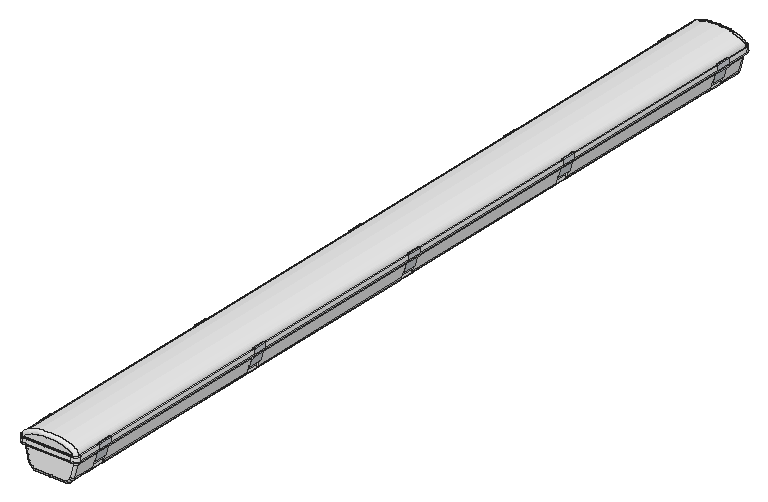
Revit family "0048713 Feilo Sylvania Lighting Fixture SYLPRF SUP LED G3 1500MM T 4K", category Lighting Fixtures, host Face, Revit 2017
Family settings
  Host = Face
  Round Connector Dimension = Use Diameter
  Part Type = Normal
  OmniClass Number = 23.80.70.11.14
  OmniClass Title = General Luminaries, Directional
  Cut with Voids When Loaded = Yes
  Light Source = Yes
  Shared = No
  Room Calculation Point = No
Parameters
  Width = 110 mm
  Weight = "2.4 kg"
  Wattage Comments = "n/a"
  Wattage = 47 W
  WarrantyStartDate [instance] = "n/a"
  WarrantyGuarantorParts = "n/a"
  WarrantyDurationUnit = "n/a"
  WarrantyDurationParts = "n/a"
  WarrantyDescription = "n/a"
  built-in parameter 1150110 = 1 (stored number, unit not read)
  Voltage = 230 V
  URL = "http://www.sylvania-lighting.com"
  TypeName = "SYLPRF SUP LED G3 1500MM T 4K"
  Type Image = <None>
  Type Comments = "n/a"
  built-in parameter 1114217 = 1 (stored number, unit not read)
  Tilt Angle = -90.00°
  built-in parameter 1150109 = 1 (stored number, unit not read)
  built-in parameter 1150134 = 12
  built-in parameter 1150113 = 1 (stored number, unit not read)
  SerialNumber [instance] = "n/a"
  ReflectorMaterial = none
  PowerFactor = 0
  PowerConsumption = "47 W"
  Photometric Web File = "0048713-C.ies"
  NominalWidth = 0 mm
  NominalLength = 1578 mm
  NominalHeight = 78 mm
  Name = "SYLPRF SUP LED G3 1500MM T 4K"
  ModelReference = "SYLPRF SUP LED G3 1500MM T 4K"
  ModelNumber = "0048713"
  Model = "SYLPRF SUP LED G3 1500MM T 4K"
  Material = "polycarbonate housing, polycarbonate diffuser"
  ManufacturerName = "Feilo Sylvania"
  Manufacturer = "Feilo Sylvania"
  LuminousEfficacy = "145 lm/W"
  built-in parameter 1150105 = 542.32 (stored number, unit not read)
  Lumens = 6815 lm
  LuminaireType = "Weatherproof"
  built-in parameter 1150115 = 1 (stored number, unit not read)
  LightOutputRatio = "n/a"
  built-in parameter 1150137 = (empty or 0)
  built-in parameter 1150139 = (empty or 0)
  Length = 1572 mm
  LampsType = Lamp  # "LED"
  LampNominalLuminous = "6800 lm"
  LampMacAdamStep = "3"
  LampColourTemperature = "4000 K"
  LampColourRenderingIndex = "80"
  built-in parameter 1150112 = 1 (stored number, unit not read)
  built-in parameter 1150114 = 1 (stored number, unit not read)
  Lamp = "LED"
  Keynote = "16500"
  InstallationDate [instance] = "n/a"
  InputVoltage = "220-240V~"
  InputNominalFrequency = "50/60 Hz"
  built-in parameter 1150132 = (empty or 0)
  built-in parameter 1150102 = (empty or 0)
  built-in parameter 1150107 = 4000 (stored number, unit not read)
  built-in parameter 1150138 = (empty or 0)
  IngressProtection = "IP65"
  ImpactProtectionIndex = "IK08"
  built-in parameter 1150106 = 5.4232 (stored number, unit not read)
  IfcExportType = "IfcLightFixtureType"
  IfcExportAs = "IfcLightFixtureType"
  ExpectedLife = 50000
  Emit from Rectangle Width = Width - 20 mm  # 90 mm
  Emit from Rectangle Length = Length - 20 mm  # 1552 mm
  Emit Shape Visible in Rendering = no
  ElectricShockClassification = "Class I"
  built-in parameter 1150104 = 13.471 (stored number, unit not read)
  DurationUnit = "hours"
  DocumentationLiterature = "http://www.sylvania-lighting.com/product/en-int/products/0048713"
  DimmingControlOptions = "Non dimmable"
  Dimming Lamp Color Temperature Shift = <None>
  DiffuserMaterial = Diffuser-Sylvania-Transparent
  Description = ""
  Default Elevation = 1219.2 mm
  CreatedOn = "11/9/2017"
  CreatedBy = ""
  Cost = 0
  Color Filter = 16777215
  built-in parameter 1114216 [instance] = (empty or 0)
  ClassificationValue = "EF_70_80"
  ClassificationName = "Uniclass2015"
  BodyMaterial = Body-Sylvania-Gray
  BarCode [instance] = "n/a"
  built-in parameter 1114218 = 1 (stored number, unit not read)
  built-in parameter 1150133 = 10 (stored number, unit not read)
  AssetType = "Fixed"
  AssetIdentifier [instance] = "n/a"
  Assembly Code = "D5020200"
  Apparent Load = 47 VA
  AccessoryMaterial = Diffuser-Sylvania-Glow
Reference planes
  plane 1 "Center (Front/Back)": y = 0
  plane 2: z = 0
  plane 3 "Center (Left/Right)": x = 0
  plane 4: z = 54
  plane 5: x = -27.7
  plane 6: x = -34.8
  plane 7: x = -39.6
  plane 8: x = -42.2
  plane 9: z = 3
  plane 10: z = 7.8
  plane 11: z = 12.3
  plane 12: z = 36.6
  plane 13: z = 42.8
  plane 14: x = -51.1
  plane 15: z = 46.2
  plane 16: x = -55
  plane 17: y = 786
  plane 18: y = -786
  plane 19: x = 27.7
  plane 20: x = 34.8
  plane 21: x = 39.6
  plane 22: x = 42.2
  plane 23: x = 51.1
  plane 24: x = 55
  plane 25: y = 778.4
  plane 26: y = -778.4
  plane 27: y = -774.7
  plane 28: y = 774.7
  plane 29: z = 74
  plane 30: x = -51.5
  plane 31: x = 51.5
  plane 32: z = 55.2
  plane 33: y = -782.5
  plane 34: y = 782.5
  plane 35: x = -37.5
  plane 36: x = 37.5
  plane 37: x = -48.7
  plane 38: x = 48.7
  plane 39: x = 18
  plane 40: x = -18
  plane 41: z = 50.2
  plane 42: z = 24.6
  plane 43: y = 720
  plane 44: y = 706
  plane 45: y = 734
  plane 46: y = -720
  plane 47: y = 720
  plane 48: y = 706
  plane 49: y = 734
  plane 50: y = -720
  plane 51: y = -734
  plane 52: y = -706
  plane 53: y = 360
  plane 54: y = 346
  plane 55: y = 374
  plane 56: y = 0
  plane 57: y = -14
  plane 58: y = 14
  plane 59: y = -360
  plane 60: y = -374
  plane 61: y = -346
Forms (mm)
  Sweep 1, solid, material "Body-Sylvania-Gray" <- "BodyMaterial", detail levels medium+fine
    path origin (1223.4, -4572, 54) x (0, -1, 0) y (1, 0, 0)
      loop
        arc (-3796, -1278.4) -> (-3788.929, -1275.471) -> (-3786, -1268.4) r 10
        line (-3786, -1268.4) -> (-3786, -1178.4)
        arc (-3786, -1178.4) -> (-3788.929, -1171.329) -> (-3796, -1168.4) r 10
        line (-3796, -1168.4) -> (-5348, -1168.4)
        arc (-5348, -1168.4) -> (-5355.071, -1171.329) -> (-5358, -1178.4) r 10
        line (-5358, -1178.4) -> (-5358, -1268.4)
        arc (-5358, -1268.4) -> (-5355.071, -1275.471) -> (-5348, -1278.4) r 10
        line (-5348, -1278.4) -> (-3796, -1278.4)
    profile origin (-55, 0, 54) x (-1, 0, 0) y (0, 0, 1)
      loop
        line (0, 0) -> (-1, 0) -> (-1, -7.726)
        arc (-1, -7.726) -> (-1.994, -9.498) -> (-3.9, -10.2) r 2.937
        line (-3.9, -10.2) -> (-8.571, -10.2) -> (-8.571, -11.2) -> (-3.9, -11.2)
        arc (-3.9, -11.2) -> (-1.313, -10.231) -> (0, -7.8) r 3.937
        line (0, -7.8) -> (0, 0)
  Sweep 2, solid, material "Body-Sylvania-Gray" <- "BodyMaterial", detail levels medium+fine
    path origin (0, 0, 0) x (1, 0, 0) y (0, 0, 1)
      loop
        line (48.7, 42.8) -> (48.7, 36.6) -> (42.203, 12.31)
        arc (42.203, 12.31) -> (41.199, 9.884) -> (39.6, 7.8) r 10.052
        line (39.6, 7.8) -> (34.8, 3)
        arc (34.8, 3) -> (31.554, 0.781) -> (27.7, 0) r 9.902
        line (27.7, 0) -> (0, 0) -> (-27.7, 0)
        arc (-27.7, 0) -> (-31.554, 0.781) -> (-34.8, 3) r 9.902
        line (-34.8, 3) -> (-39.6, 7.8)
        arc (-39.6, 7.8) -> (-41.199, 9.884) -> (-42.203, 12.31) r 10.052
        line (-42.203, 12.31) -> (-48.7, 36.6) -> (-48.7, 42.8)
    profile origin (0, 0, 0) x (0, 0, -1) y (0, -1, 0)
      loop
        arc (0, 773.4) -> (-1.464, 776.936) -> (-5, 778.4) r 5
        line (-5, 778.4) -> (-7.8, 778.4) -> (-7.8, -778.4) -> (-5, -778.4)
        arc (-5, -778.4) -> (-1.464, -776.936) -> (0, -773.4) r 5
        line (0, -773.4) -> (0, 773.4)
  Extrusion 3, solid, material "Body-Sylvania-Gray" <- "BodyMaterial", detail levels medium+fine
    sketch origin (1524, 778.4, 1219.2) x (1, 0, 0) y (0, 0, 1)
      loop
        arc (-1558.668, -1204.874) -> (-1558.443, -1205.418) -> (-1558.085, -1205.885) r 2.252
        line (-1558.085, -1205.885) -> (-1553.231, -1210.738)
        arc (-1553.231, -1210.738) -> (-1552.534, -1211.227) -> (-1551.7, -1211.4) r 2.102
        line (-1551.7, -1211.4) -> (-1496.3, -1211.4)
        arc (-1496.3, -1211.4) -> (-1495.466, -1211.227) -> (-1494.769, -1210.738) r 2.102
        line (-1494.769, -1210.738) -> (-1489.915, -1205.885)
        arc (-1489.915, -1205.885) -> (-1489.557, -1205.418) -> (-1489.332, -1204.874) r 2.252
        line (-1489.332, -1204.874) -> (-1483.1, -1181.575) -> (-1483.1, -1176.4) -> (-1564.9, -1176.4) -> (-1564.9, -1181.575) -> (-1558.668, -1204.874)
    from 0 to 1556.8
  Sweep 4, solid, material "Diffuser-Sylvania-Transparent" <- "DiffuserMaterial", detail levels medium+fine
    path origin (0, 0, 0) x (1, 0, 0) y (0, 0, 1)
      loop
        spline (-51.5, 55.2) -> (-49.745, 60.066) -> (-44.6, 64.6) -> (-36.416, 68.494) -> (-25.75, 71.481) -> (-13.329, 73.359) -> (0, 74) -> (13.329, 73.359) -> (25.75, 71.481) -> (36.416, 68.494) -> (44.6, 64.6) -> (49.745, 60.066) -> (51.5, 55.2)
    profile origin (51.5, 0, 55.2) x (0, -1, 0) y (1, 0, 0)
      loop
        arc (782.5, -5.5) -> (780.889, -1.611) -> (777, 0) r 5.5
        line (777, 0) -> (-777, 0)
        arc (-777, 0) -> (-780.889, -1.611) -> (-782.5, -5.5) r 5.5
        line (-782.5, -5.5) -> (-782.5, -6.3) -> (-781.5, -6.3) -> (-781.5, -5.5)
        arc (-781.5, -5.5) -> (-780.182, -2.318) -> (-777, -1) r 4.5
        line (-777, -1) -> (777, -1)
        arc (777, -1) -> (780.182, -2.318) -> (781.5, -5.5) r 4.5
        line (781.5, -5.5) -> (781.5, -6.347) -> (782.5, -6.347) -> (782.5, -5.5)
  Extrusion 5, solid, material "Diffuser-Sylvania-Transparent" <- "DiffuserMaterial", detail levels medium+fine
    sketch origin (1524, -782.5, 1219.2) x (1, 0, 0) y (0, 0, 1)
      loop
        line (-1569.653, -1164) -> (-1478.347, -1164)
        spline (-1478.347, -1164) -> (-1478.969, -1162.594) -> (-1482.527, -1159.545) -> (-1489.588, -1156.201) -> (-1499.458, -1153.445) -> (-1511.242, -1151.663) -> (-1524, -1151.049) -> (-1536.758, -1151.663) -> (-1548.542, -1153.445) -> (-1558.412, -1156.201) -> (-1565.473, -1159.545) -> (-1569.031, -1162.594) -> (-1569.653, -1164)
    from 0 to -1
  Extrusion 6, solid, material "Diffuser-Sylvania-Transparent" <- "DiffuserMaterial", detail levels medium+fine
    sketch origin (1524, 782.5, 1219.2) x (1, 0, 0) y (0, 0, 1)
      loop
        spline (-1478.3, -1164) -> (-1478.931, -1162.565) -> (-1482.502, -1159.505) -> (-1489.572, -1156.155) -> (-1499.446, -1153.394) -> (-1511.236, -1151.614) -> (-1524, -1151.007) -> (-1536.764, -1151.614) -> (-1548.554, -1153.394) -> (-1558.428, -1156.155) -> (-1565.498, -1159.505) -> (-1569.069, -1162.565) -> (-1569.7, -1164)
        line (-1569.7, -1164) -> (-1478.3, -1164)
    from 0 to 1
  Extrusion 7, solid, material "Diffuser-Sylvania-Transparent" <- "DiffuserMaterial", detail levels medium+fine
    sketch origin (1223.4, -4572, 55.2) x (0, -1, 0) y (-1, 0, 0)
      loop
        arc (-5353.5, 1177.4) -> (-5352.182, 1174.218) -> (-5349, 1172.9) r 4.5
        line (-5349, 1172.9) -> (-3795, 1172.9)
        arc (-3795, 1172.9) -> (-3791.818, 1174.218) -> (-3790.5, 1177.4) r 4.5
        line (-3790.5, 1177.4) -> (-3790.5, 1269.4)
        arc (-3790.5, 1269.4) -> (-3791.818, 1272.582) -> (-3795, 1273.9) r 4.5
        line (-3795, 1273.9) -> (-5349, 1273.9)
        arc (-5349, 1273.9) -> (-5352.182, 1272.582) -> (-5353.5, 1269.4) r 4.5
        line (-5353.5, 1269.4) -> (-5353.5, 1177.4)
      loop
        line (-5358, 1268.4) -> (-5358, 1178.4)
        arc (-5358, 1178.4) -> (-5355.071, 1171.329) -> (-5348, 1168.4) r 10
        line (-5348, 1168.4) -> (-3796, 1168.4)
        arc (-3796, 1168.4) -> (-3788.929, 1171.329) -> (-3786, 1178.4) r 10
        line (-3786, 1178.4) -> (-3786, 1268.4)
        arc (-3786, 1268.4) -> (-3788.929, 1275.471) -> (-3796, 1278.4) r 10
        line (-3796, 1278.4) -> (-5348, 1278.4)
        arc (-5348, 1278.4) -> (-5355.071, 1275.471) -> (-5358, 1268.4) r 10
    from 0 to 1.2
  Extrusion 8, solid, material "Diffuser-Sylvania-Glow" <- "AccessoryMaterial", detail levels fine
    sketch origin (0, 0, 0) x (1, 0, 0) y (0, 0, 1)
      loop
        circle (-18, 50.2) r 8
      loop
        circle (18, 50.2) r 8
    from -774.7 to 774.7
  Extrusion 9, void
    sketch origin (0, 720, 2343.807) x (0, 0, -1) y (-1, 0, 0)
      loop
        line (2340.807, -37.5) -> (2331.507, -37.5) -> (2319.207, -42.2) -> (2319.207, -48.7) -> (2340.807, -48.7) -> (2340.807, -37.5)
      loop
        line (2340.807, 37.5) -> (2340.807, 48.7) -> (2319.207, 48.7) -> (2319.207, 42.2) -> (2331.507, 37.5) -> (2340.807, 37.5)
    from -14 to 14
  Extrusion 10, solid, material "Body-Sylvania-Gray" <- "BodyMaterial", detail levels coarse
    sketch origin (0, 0, 0) x (1, 0, 0) y (0, 0, 1)
      loop
        line (55, 42.8) -> (55, 55.2) -> (-55, 55.2) -> (-55, 42.791) -> (-42.2, 0) -> (42.2, 0) -> (55, 42.8)
    from -786 to 786
  Extrusion 11, solid, material "Diffuser-Sylvania-Transparent" <- "DiffuserMaterial", detail levels coarse
    sketch origin (0, 0, 0) x (1, 0, 0) y (0, 0, 1)
      loop
        arc (51.5, 55.2) -> (0, 74) -> (-51.5, 55.2) r 79.939
        line (-51.5, 55.2) -> (51.5, 55.2)
    from 778.4 to -778.4
  Extrusion 12, void, not visible
    sketch origin (0, 720, 2343.807) x (0, 0, -1) y (-1, 0, 0)
      loop
        line (2340.807, -37.5) -> (2331.507, -37.5) -> (2319.207, -42.2) -> (2319.207, -48.7) -> (2340.807, -48.7) -> (2340.807, -37.5)
      loop
        line (2340.807, 37.5) -> (2340.807, 48.7) -> (2319.207, 48.7) -> (2319.207, 42.2) -> (2331.507, 37.5) -> (2340.807, 37.5)
    from -14 to 14
  Extrusion 13, void
    sketch origin (0, -720, 2343.807) x (0, 0, -1) y (-1, 0, 0)
      loop
        line (2340.807, -37.5) -> (2331.507, -37.5) -> (2319.207, -42.2) -> (2319.207, -48.7) -> (2340.807, -48.7) -> (2340.807, -37.5)
      loop
        line (2340.807, 37.5) -> (2340.807, 48.7) -> (2319.207, 48.7) -> (2319.207, 42.2) -> (2331.507, 37.5) -> (2340.807, 37.5)
    from -14 to 14
  Extrusion 14, void
    sketch origin (0, 360, 2343.807) x (0, 0, -1) y (-1, 0, 0)
      loop
        line (2340.807, -37.5) -> (2331.507, -37.5) -> (2319.207, -42.2) -> (2319.207, -48.7) -> (2340.807, -48.7) -> (2340.807, -37.5)
      loop
        line (2340.807, 37.5) -> (2340.807, 48.7) -> (2319.207, 48.7) -> (2319.207, 42.2) -> (2331.507, 37.5) -> (2340.807, 37.5)
    from -14 to 14
  Extrusion 15, void
    sketch origin (0, 0, 2343.807) x (0, 0, -1) y (-1, 0, 0)
      loop
        line (2340.807, -37.5) -> (2331.507, -37.5) -> (2319.207, -42.2) -> (2319.207, -48.7) -> (2340.807, -48.7) -> (2340.807, -37.5)
      loop
        line (2340.807, 37.5) -> (2340.807, 48.7) -> (2319.207, 48.7) -> (2319.207, 42.2) -> (2331.507, 37.5) -> (2340.807, 37.5)
    from -14 to 14
  Extrusion 16, void
    sketch origin (0, -360, 2343.807) x (0, 0, -1) y (-1, 0, 0)
      loop
        line (2340.807, -37.5) -> (2331.507, -37.5) -> (2319.207, -42.2) -> (2319.207, -48.7) -> (2340.807, -48.7) -> (2340.807, -37.5)
      loop
        line (2340.807, 37.5) -> (2340.807, 48.7) -> (2319.207, 48.7) -> (2319.207, 42.2) -> (2331.507, 37.5) -> (2340.807, 37.5)
    from -14 to 14
Cuts and joins
  Extrusion 9, Extrusion 13, Extrusion 14, Extrusion 15, Extrusion 16 cuts Sweep 2
  Extrusion 13, Extrusion 14, Extrusion 15, Extrusion 16 cuts Extrusion 3
  joined: Sweep 2, Extrusion 3
  joined: Sweep 4, Extrusion 5, Extrusion 6
Dimensions and locks
  locked: plane 4 to plane 2 at 54
  plane 5 to plane 6 to plane 7 to plane 8 to plane 14 to plane 16 = 7.1 mm locked, 4.8 mm locked, 2.6 mm locked, 8.9 mm, 3.9 mm
  plane 4 to plane 15 to plane 13 to plane 12 to plane 11 to plane 10 to plane 9 = 7.8 mm locked, 3.4 mm, 6.2 mm locked, 24.3 mm locked, 4.5 mm locked, 4.8 mm locked
  equal spacing: plane 18, plane 1 "Center (Front/Back)", plane 17
  "Length": plane 18 to plane 17
  plane 19 to plane 20 to plane 21 to plane 22 to plane 23 to plane 24 = 7.1 mm locked, 4.8 mm locked, 2.6 mm locked, 8.9 mm, 3.9 mm
  equal spacing: plane 24, plane 3 "Center (Left/Right)", plane 16
  "Width": plane 24 to plane 16
  equal spacing: plane 27, plane 1 "Center (Front/Back)", plane 28
  locked: plane 26 to plane 27 at 3.7
  locked: Sweep 1 sketch curve to profile plane at 1
  locked: Sweep 1 sketch curve to plane 13 at 1
  locked: Sweep 1 sketch curve to plane 13 at 3.937  (x2)
  locked: Sweep 1 sketch curve to profile plane at 3.9  (x2)
  locked: plane 29 to plane 4 at 20
  equal spacing: plane 31, plane 3 "Center (Left/Right)", plane 30
  locked: plane 30 to plane 16 at 3.5
  locked: plane 32 to plane 4 at 1.2
  equal spacing: plane 33, plane 1 "Center (Front/Back)", plane 34
  equal spacing: plane 36, plane 3 "Center (Left/Right)", plane 35
  locked: plane 3 "Center (Left/Right)" to plane 35 at 37.5
  locked: plane 34 to plane 17 at 3.5
  equal spacing: plane 38, plane 3 "Center (Left/Right)", plane 37
  locked: plane 37 to plane 16 at 6.3
  equal spacing: plane 25, plane 1 "Center (Front/Back)", plane 26
  locked: plane 17 to plane 25 at 7.6
  locked: Sweep 2 sketch curve to plane 2 at 5  (x2)
  locked: Sweep 2 sketch curve to plane 26 at 5
  locked: plane 25 to Sweep 2 sketch curve at 5
  locked: Sweep 4 sketch curve to plane 31 at 5.5  (x2)
  locked: Sweep 4 sketch curve to plane 34 at 5.5
  plane 33 to Sweep 4 sketch curve = 5.5 mm
  locked: plane 34 to Sweep 4 sketch curve at 1
  locked: Sweep 4 sketch curve to plane 31 at 1
  locked: Sweep 4 sketch curve to Sweep 4 sketch curve at 1
  locked: Sweep 4 sketch curve to plane 31 at 6.347
  locked: Sweep 4 sketch curve to plane 31 at 6.3
  equal spacing: plane 39, plane 3 "Center (Left/Right)", plane 40
  locked: plane 3 "Center (Left/Right)" to plane 40 at 18
  locked: plane 42 to plane 2 at 24.6
  plane 45 to plane 43 to plane 44 = 14 mm locked, 14 mm locked
  locked: plane 17 to plane 43 at 66
  equal spacing: plane 43, plane 1 "Center (Front/Back)", plane 46
  plane 49 to plane 47 to plane 48 = 14 mm locked, 14 mm locked
  plane 52 to plane 50 to plane 51 = 14 mm locked, 14 mm locked  (x2)
  equal spacing: group 1, group 6, group 7, group 8, group 5  (x2)
  equal spacing: group 5, group 8, group 7, group 6, group 1
  plane 55 to plane 53 to plane 54 = 14 mm locked, 14 mm locked  (x2)
  plane 58 to plane 56 to plane 57 = 14 mm locked, 14 mm locked  (x2)
  plane 61 to plane 59 to plane 60 = 14 mm locked, 14 mm locked  (x2)
  plane 43 to plane 53 to plane 1 "Center (Front/Back)" to plane 59 to plane 50 = 360 mm locked, 360 mm locked, 360 mm locked, 360 mm locked
  aligned and locked: plane 2 to host face
  aligned and locked: level to host face
  aligned and locked: plane 16 to Sweep 1 sketch curve
  aligned and locked: Sweep 1 sketch curve to plane 24
  aligned and locked: plane 18 to Sweep 1 sketch curve
  aligned and locked: Sweep 1 sketch curve to plane 13
  aligned and locked: profile plane to Sweep 1 sketch curve
  aligned and locked: plane 3 "Center (Left/Right)" to Sweep 2 sketch curve
  aligned and locked: plane 9 to Sweep 2 sketch curve
  aligned and locked: plane 10 to Sweep 2 sketch curve
  aligned and locked: plane 37 to Sweep 2 sketch curve
  aligned and locked: plane 12 to Sweep 2 sketch curve
  aligned and locked: Sweep 2 sketch curve to level
  aligned and locked: plane 21 to Sweep 2 sketch curve
  aligned and locked: plane 38 to Sweep 2 sketch curve
  aligned and locked: profile plane to Sweep 2 sketch curve
  aligned and locked: plane 25 to Sweep 2 sketch curve
  aligned and locked: Sweep 2 sketch curve to plane 10
  aligned and locked: Extrusion 3 sketch curve to Sweep 2  (x7)
  aligned and locked: Sweep 2 to Extrusion 3 sketch curve
  aligned and locked: Extrusion 3 to plane 25
  aligned and locked: plane 26 to Extrusion 3
  aligned and locked: plane 32 to Sweep 4 sketch curve
  aligned and locked: plane 33 to Sweep 4 sketch curve
  aligned and locked: Sweep 4 to Extrusion 5
  aligned and locked: plane 33 to Extrusion 5
  aligned and locked: Extrusion 5 sketch curve to Sweep 4
  aligned and locked: cut or joined group of Sweep 4, Extrusion 5, Extrusion 6 to Extrusion 6 sketch curve
  aligned and locked: Extrusion 7 sketch curve to cut or joined group of Sweep 4, Extrusion 5, Extrusion 6  (x2)
  aligned and locked: cut or joined group of Sweep 4, Extrusion 5, Extrusion 6 to Extrusion 7 sketch curve  (x2)
  aligned and locked: plane 41 to Extrusion 8 sketch curve  (x2)
  aligned and locked: plane 39 to Extrusion 8 sketch curve
  aligned and locked: plane 27 to Extrusion 8
  aligned and locked: Extrusion 8 to plane 28
  aligned and locked: Extrusion 9 to plane 42
  aligned and locked: plane 9 to Extrusion 9
  aligned and locked: plane 44 to Extrusion 9
  aligned and locked: Extrusion 9 to plane 45
  aligned and locked: Extrusion 7 sketch curve to Sweep 1  (x4)
  aligned and locked: plane 4 to Extrusion 7
  aligned and locked: Extrusion 7 to plane 32
  aligned and locked: nested 2 to plane 43
  aligned and locked: plane 43 to nested 1
  aligned and locked: Extrusion 10 sketch curve to plane 24
  aligned and locked: Extrusion 10 sketch curve to Extrusion 7
  aligned and locked: plane 8 to Extrusion 10 sketch curve
  aligned and locked: plane 22 to Extrusion 10 sketch curve
  aligned and locked: level to Extrusion 10 sketch curve
  aligned and locked: Extrusion 10 to plane 17
  aligned and locked: plane 18 to Extrusion 10
  aligned and locked: cut or joined group of Sweep 4, Extrusion 5, Extrusion 6 to Extrusion 11 sketch curve
  aligned and locked: Extrusion 11 sketch curve to cut or joined group of Sweep 4, Extrusion 5, Extrusion 6  (x2)
  aligned and locked: plane 31 to Extrusion 11 sketch curve
  aligned and locked: plane 30 to Extrusion 11 sketch curve
  aligned and locked: plane 26 to Extrusion 11
  aligned and locked: Extrusion 11 to plane 25
  aligned and locked: imposter light to plane 29
  aligned and locked: plane 3 "Center (Left/Right)" to imposter light
  aligned and locked: plane 1 "Center (Front/Back)" to imposter light
  aligned and locked: plane 51 to Extrusion 13
  aligned and locked: Extrusion 13 to plane 52
  aligned and locked: plane 54 to Extrusion 14
  aligned and locked: Extrusion 14 to plane 55
  aligned and locked: plane 57 to Extrusion 15
  aligned and locked: Extrusion 15 to plane 58
  aligned and locked: plane 60 to Extrusion 16
  aligned and locked: Extrusion 16 to plane 61
  aligned and locked: nested 3 to plane 53
  aligned and locked: plane 53 to nested 10
  aligned and locked: nested 4 to plane 56
  aligned and locked: plane 56 to nested 9
  aligned and locked: nested 5 to plane 59
  aligned and locked: plane 59 to nested 8
  aligned and locked: nested 6 to plane 50
  aligned and locked: plane 50 to nested 7
Automatic sketch dimensions
  host sketch curve to host sketch curve = 2438.4 mm  (x2)
  plane 17 to Sweep 1 sketch curve = 0 mm
  Sweep 1 sketch curve to plane 28 = 1.3 mm
  Sweep 1 sketch curve to plane 7 = 5.4 mm
  plane 27 to Sweep 1 sketch curve = 1.3 mm  (x2)
  Sweep 1 sketch curve to Sweep 1 sketch curve = 4.671 mm
  Sweep 1 sketch curve to plane 4 = 0 mm
  Sweep 2 sketch curve to plane 7 = 0 mm
  Sweep 2 sketch curve to plane 6 = 0 mm
  Sweep 2 sketch curve to plane 5 = 0 mm
  plane 19 to Sweep 2 sketch curve = 0 mm
  Sweep 2 sketch curve to plane 9 = 0 mm
  plane 20 to Sweep 2 sketch curve = 0 mm
  Sweep 2 sketch curve to plane 12 = 0 mm
  Sweep 2 sketch curve to plane 10 = 0 mm
  Sweep 2 sketch curve to plane 13 = 0 mm  (x2)
  Sweep 2 sketch curve to plane 8 = 0.003 mm
  plane 6 to Sweep 2 sketch curve = 2.308 mm
  plane 20 to Sweep 2 sketch curve = 2.308 mm
  Sweep 2 sketch curve to plane 22 = 0.003 mm
  Sweep 2 sketch curve to plane 11 = 0.01 mm  (x2)
  Extrusion 3 sketch curve to plane 5 = 0 mm
  plane 19 to Extrusion 3 sketch curve = 0 mm
  plane 6 to Extrusion 3 sketch curve = 0.132 mm
  plane 6 to Extrusion 3 sketch curve = 0.715 mm
  Extrusion 3 sketch curve to Extrusion 3 sketch curve = 1.592 mm
  Extrusion 3 sketch curve to plane 10 = 0.662 mm  (x2)
  plane 20 to Extrusion 3 sketch curve = 2.308 mm
  plane 20 to Extrusion 3 sketch curve = 0.715 mm
  plane 20 to Extrusion 3 sketch curve = 0.132 mm
  Sweep 4 sketch curve to plane 30 = 0 mm
  Sweep 4 sketch curve to plane 3 "Center (Left/Right)" = 0 mm
  Sweep 4 sketch curve to Sweep 4 sketch curve = 0 mm  (x2)
  plane 37 to Extrusion 5 sketch curve = 3.047 mm
  Extrusion 5 sketch curve to plane 38 = 3.047 mm
  plane 37 to Extrusion 6 sketch curve = 3 mm
  Extrusion 6 sketch curve to plane 38 = 3 mm
  plane 25 to Extrusion 7 sketch curve = 1.4 mm  (x2)
  Extrusion 7 sketch curve to plane 26 = 1.4 mm  (x2)
  Extrusion 8 sketch curve to plane 40 = 0 mm
  Extrusion 9 sketch curve to Extrusion 9 sketch curve = 0 mm
  Extrusion 9 sketch curve to Extrusion 9 sketch curve = 12.3 mm  (x2)
  Extrusion 9 sketch curve to Extrusion 9 sketch curve = 9.3 mm  (x2)
  Extrusion 9 sketch curve to Extrusion 9 sketch curve = 6.5 mm
  Extrusion 9 sketch curve to Extrusion 9 sketch curve = 4.7 mm  (x2)
  Extrusion 9 sketch curve to Extrusion 9 sketch curve = 75 mm
  Extrusion 9 sketch curve to Extrusion 9 sketch curve = 11.2 mm
  Extrusion 10 sketch curve to plane 13 = 0 mm
  plane 13 to Extrusion 10 sketch curve = 0.009 mm
  Extrusion 11 sketch curve to level = 5.939 mm
  Extrusion 10 sketch curve to plane 16 = 0 mm
  Extrusion 12 sketch curve to Extrusion 12 sketch curve = 0 mm
  Extrusion 12 sketch curve to Extrusion 12 sketch curve = 12.3 mm  (x2)
  Extrusion 12 sketch curve to Extrusion 12 sketch curve = 9.3 mm  (x2)
  Extrusion 12 sketch curve to Extrusion 12 sketch curve = 6.5 mm
  Extrusion 12 sketch curve to Extrusion 12 sketch curve = 4.7 mm  (x2)
  Extrusion 12 sketch curve to Extrusion 12 sketch curve = 75 mm
  Extrusion 12 sketch curve to Extrusion 12 sketch curve = 11.2 mm
  Extrusion 13 sketch curve to Extrusion 13 sketch curve = 0 mm
  Extrusion 13 sketch curve to Extrusion 13 sketch curve = 12.3 mm  (x2)
  Extrusion 13 sketch curve to Extrusion 13 sketch curve = 9.3 mm  (x2)
  Extrusion 13 sketch curve to Extrusion 13 sketch curve = 6.5 mm
  Extrusion 13 sketch curve to Extrusion 13 sketch curve = 4.7 mm  (x2)
  Extrusion 13 sketch curve to Extrusion 13 sketch curve = 75 mm
  Extrusion 13 sketch curve to Extrusion 13 sketch curve = 11.2 mm
  Extrusion 14 sketch curve to Extrusion 14 sketch curve = 0 mm
  Extrusion 14 sketch curve to Extrusion 14 sketch curve = 12.3 mm  (x2)
  Extrusion 14 sketch curve to Extrusion 14 sketch curve = 9.3 mm  (x2)
  Extrusion 14 sketch curve to Extrusion 14 sketch curve = 6.5 mm
  Extrusion 14 sketch curve to Extrusion 14 sketch curve = 4.7 mm  (x2)
  Extrusion 14 sketch curve to Extrusion 14 sketch curve = 75 mm
  Extrusion 14 sketch curve to Extrusion 14 sketch curve = 11.2 mm
  Extrusion 15 sketch curve to Extrusion 15 sketch curve = 0 mm
  Extrusion 15 sketch curve to Extrusion 15 sketch curve = 12.3 mm  (x2)
  Extrusion 15 sketch curve to Extrusion 15 sketch curve = 9.3 mm  (x2)
  Extrusion 15 sketch curve to Extrusion 15 sketch curve = 6.5 mm
  Extrusion 15 sketch curve to Extrusion 15 sketch curve = 4.7 mm  (x2)
  Extrusion 15 sketch curve to Extrusion 15 sketch curve = 75 mm
  Extrusion 15 sketch curve to Extrusion 15 sketch curve = 11.2 mm
  Extrusion 16 sketch curve to Extrusion 16 sketch curve = 0 mm
  Extrusion 16 sketch curve to Extrusion 16 sketch curve = 12.3 mm  (x2)
  Extrusion 16 sketch curve to Extrusion 16 sketch curve = 9.3 mm  (x2)
  Extrusion 16 sketch curve to Extrusion 16 sketch curve = 6.5 mm
  Extrusion 16 sketch curve to Extrusion 16 sketch curve = 4.7 mm  (x2)
  Extrusion 16 sketch curve to Extrusion 16 sketch curve = 75 mm
  Extrusion 16 sketch curve to Extrusion 16 sketch curve = 11.2 mm
  radius of Extrusion 8 sketch curve = 8 mm  (x2)
Nested families
  nested 1: "Clip" at (42.2, 720, 24.6), type "Clip", detail levels fine
  nested 2: "Clip" at (-42.2, 720, 24.6) x (-1, 0, 0) z (0, 0, 1), type "Clip", detail levels fine
  nested 3: "Clip" at (-42.2, 360, 24.6) x (-1, 0, 0) z (0, 0, 1), type "Clip", detail levels fine
  nested 4: "Clip" at (-42.2, 0, 24.6) x (-1, 0, 0) z (0, 0, 1), type "Clip", detail levels fine
  nested 5: "Clip" at (-42.2, -360, 24.6) x (-1, 0, 0) z (0, 0, 1), type "Clip", detail levels fine
  nested 6: "Clip" at (-42.2, -720, 24.6) x (-1, 0, 0) z (0, 0, 1), type "Clip", detail levels fine
  nested 7: "Clip" at (42.2, -720, 24.6), type "Clip", detail levels fine
  nested 8: "Clip" at (42.2, -360, 24.6), type "Clip", detail levels fine
  nested 9: "Clip" at (42.2, 0, 24.6), type "Clip", detail levels fine
  nested 10: "Clip" at (42.2, 360, 24.6), type "Clip", detail levels fine
Connectors
  electrical at (0, 0, 0), driven by "Apparent Load"
    settings: index 1, voltage 230 V, apparent load 47 VA, apparent load phase1 0 VA, apparent load phase2 0 VA, apparent load phase3 0 VA, power factor 0, load classification "Lighting", number of poles 1, system type 30, power factor state 1, is connector primary yes, connector utility no, sub classification motor no, connector description ""
Definition of nested family "Clip"
  Parameters (values of type "Clip")
    URL = "http://www.feilosylvania.com"
    Type Comments = "n/a"
    Model = "n/a"
    Manufacturer = "Feilo Sylvania"
    Keynote = "n/a"
    Description = "n/a"
    Default Elevation = 1219.2 mm
    Cost = 0
    BodyMaterial = none
    Assembly Code = "n/a"
  Reference planes
    plane 1 "Center (Front/Back)": y = 0
    plane 2: z = 0
    plane 3 "Center (Left/Right)": x = 0
    plane 4: x = 3.3
    plane 5: x = 6.5
    plane 6: x = 8.9
    plane 7: x = 12.8
    plane 8: z = 12
    plane 9: z = 18.2
    plane 10: z = 21.6
    plane 11: z = 30.6
    plane 12: x = 9.3
    plane 13: z = 19.2
    plane 14: z = 16.2
    plane 15: x = 10.1
    plane 16: y = 12
    plane 17: y = -12
  Forms (mm)
    Extrusion 1, solid
      sketch origin (-0.8, 0, 0) x (1, 0, 0) y (0, 1, 0)
        loop
          line (-1219.2, 1219.2) -> (-1219.2, -1219.2) -> (1219.2, -1219.2) -> (1219.2, 1219.2) -> (-1219.2, 1219.2)
      from 0 to -304.8
    Extrusion 2, solid
      sketch origin (0, 0, 0) x (1, 0, 0) y (0, 0, 1)
        loop
          line (8.9, 16.2) -> (4.58, 0) -> (0, 0) -> (0, -0.8) -> (5.195, -0.8) -> (9.603, 15.731) -> (13.6, 18.806) -> (13.6, 30.6)
          arc (13.6, 30.6) -> (11.45, 32.75) -> (9.3, 30.6) r 2.15
          line (9.3, 30.6) -> (10.1, 30.6)
          arc (10.1, 30.6) -> (11.45, 31.95) -> (12.8, 30.6) r 1.35
          line (12.8, 30.6) -> (12.8, 19.2) -> (8.9, 16.2)
      from -12 to 12
  Lines and regions (mm)
    reference lines
      curve 1: line (3.3, 0, 0) -> (6.5, 0, 12)
      curve 2: arc (8.9, 0, 18.2) -> (11.488, 0, 19.169) -> (12.8, 0, 21.6) r 3.934
  Dimensions and locks
    plane 7 to plane 6 to plane 5 to plane 4 to plane 3 "Center (Left/Right)" = 3.9 mm locked, 2.4 mm locked, 3.2 mm locked, 3.3 mm locked
    plane 11 to plane 10 to plane 9 to plane 8 to plane 2 = 9 mm locked, 3.4 mm locked, 6.2 mm locked, 12 mm locked
    locked: plane 7 to plane 12 at 3.5
    locked: plane 13 to plane 9 at 1
    locked: plane 9 to plane 14 at 2
    locked: plane 15 to plane 12 at 0.8
    locked: plane 2 to Extrusion 2 sketch curve at 0.8
    locked: Extrusion 2 sketch curve to Extrusion 2 sketch curve at 0.8  (x3)
    locked: plane 7 to Extrusion 2 sketch curve at 1.35
    equal spacing: plane 17, plane 1 "Center (Front/Back)", plane 16
    locked: plane 1 "Center (Front/Back)" to plane 16 at 12
    aligned and locked: plane 2 to Extrusion 1
    aligned and locked: level to Extrusion 1
    aligned and locked: plane 4 to curve 1
    aligned and locked: plane 5 to curve 1
    aligned and locked: plane 6 to curve 2
    aligned and locked: plane 10 to curve 2
    aligned and locked: plane 14 to Extrusion 2 sketch curve
    aligned and locked: plane 13 to Extrusion 2 sketch curve
    aligned and locked: plane 7 to Extrusion 2 sketch curve
    aligned and locked: plane 3 "Center (Left/Right)" to Extrusion 2 sketch curve
    aligned and locked: Extrusion 2 sketch curve to level
    aligned and locked: Extrusion 2 sketch curve to plane 11
    aligned and locked: plane 11 to Extrusion 2 sketch curve
    aligned and locked: Extrusion 2 to plane 16
    aligned and locked: plane 17 to Extrusion 2
  Automatic sketch dimensions
    Extrusion 1 sketch curve to Extrusion 1 sketch curve = 2438.4 mm  (x2)
    curve 2 to plane 7 = 0 mm
    curve 1 to level = 0 mm
    curve 1 to plane 8 = 0 mm
    curve 2 to plane 9 = 0 mm
    plane 6 to curve 2 = 0.002 mm
    Extrusion 2 sketch curve to Extrusion 2 sketch curve = 0 mm
    Extrusion 2 sketch curve to plane 6 = 0 mm
    plane 4 to Extrusion 2 sketch curve = 1.28 mm
